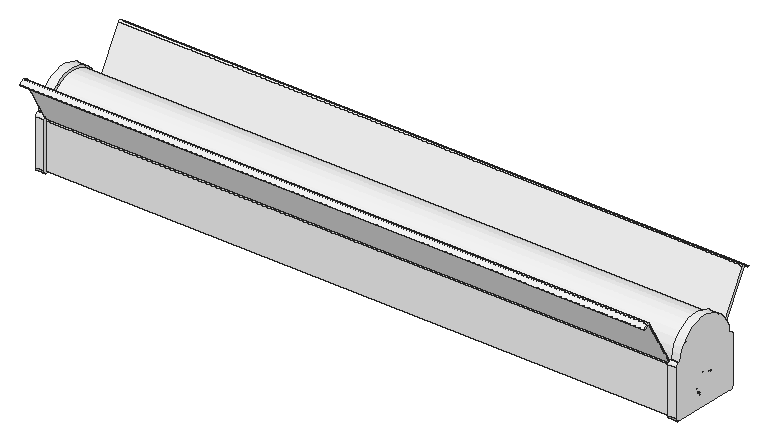
Revit family "0045189+0045231 Feilo Sylvania Lighting Fixture SYLBATTEN LED2 NW DALI TP5 with SYMMETRIC REFLECTOR ACCESSORY 600MM", category Lighting Fixtures, host Face, Revit 2017
Family settings
  Host = Face
  Round Connector Dimension = Use Diameter
  Part Type = Normal
  OmniClass Number = 23.80.70.00
  OmniClass Title = Lighting
  Cut with Voids When Loaded = No
  Light Source = Yes
  Shared = No
  Room Calculation Point = No
Parameters (values of type "0045189 SYLBATTEN LED2 NW DALI TP5")
  Width_FEILO = 66 mm
  Weight = "1.306 kg"
  Wattage Comments = "n/a"
  Wattage = 22 W
  WarrantyStartDate [instance] = "n/a"
  WarrantyGuarantorParts = "n/a"
  WarrantyDurationUnit = "n/a"
  WarrantyDurationParts = "n/a"
  WarrantyDescription = "n/a"
  built-in parameter 1150110 = 1 (stored number, unit not read)
  Voltage = 230 V
  URL = "http://www.sylvania-lighting.com"
  TypeName = "SYLBATTEN LED2 NW DALI TP5"
  Type Image = <None>
  Type Comments = "n/a"
  built-in parameter 1114217 = 1 (stored number, unit not read)
  Tilt Angle = -90.00°
  built-in parameter 1150109 = 1 (stored number, unit not read)
  built-in parameter 1150134 = 12
  SymReflector_FEILO = yes
  built-in parameter 1150113 = 1 (stored number, unit not read)
  SerialNumber [instance] = "n/a"
  PowerFactor = 0
  PowerConsumption = "22 W"
  Photometric Web File = "0045189+0045231.ies"
  NominalLength = 605 mm
  NominalHeight = 76 mm
  NominalDepth = 66 mm
  Name = "SYLBATTEN LED2 NW DALI TP5"
  ModelReference = Name  # "SYLBATTEN LED2 NW DALI TP5"
  ModelNumber = "0045189"
  Model = Name  # "SYLBATTEN LED2 NW DALI TP5"
  Material_4_FEILO = Reflector-Sylvania-Sylbatten-White
  Material_3_FEILO = Diffuser-Sylvania-Sylbatten-Glow
  Material_2_FEILO = Body-Sylvania-Sylbatten-White
  Material_1_FEILO = Body-Sylvania-Sylbatten-White
  Material = "sheet steel housing, polycarbonate diffuser"
  ManufacturerName = "Feilo Sylvania"
  Manufacturer = "Feilo Sylvania"
  LuminousEfficacy = "105.8 lm/W"
  built-in parameter 1150105 = 185.24 (stored number, unit not read)
  Lumens = 2327.82 lm
  LuminaireType = ""
  built-in parameter 1150115 = 1 (stored number, unit not read)
  LightOutputRatio = "100"
  built-in parameter 1150137 = (empty or 0)
  built-in parameter 1150139 = (empty or 0)
  Length_FEILO = 605 mm
  LampsType = Lamp  # "LED"
  LampNominalLuminous = "2328 lm"
  LampMacAdamStep = "n/a"
  LampColourTemperature = "4000 K"
  LampColourRenderingIndex = "80"
  built-in parameter 1150112 = 1 (stored number, unit not read)
  built-in parameter 1150114 = 1 (stored number, unit not read)
  Lamp = "LED"
  Keynote = "16500"
  InstallationDate [instance] = "n/a"
  InputVoltage = "220-240V~"
  InputNominalFrequency = "n/a"
  built-in parameter 1150132 = (empty or 0)
  built-in parameter 1150102 = (empty or 0)
  built-in parameter 1150107 = 4000 (stored number, unit not read)
  built-in parameter 1150138 = (empty or 0)
  IngressProtection = "IP20"
  ImpactProtectionIndex = "IK07"
  built-in parameter 1150106 = 1.8524 (stored number, unit not read)
  IfcExportType = "IfcLightFixtureType"
  IfcExportAs = "IfcLightFixtureType"
  Height_FEILO = 76 mm
  ExpectedLife = 50000
  Emit from Rectangle Width = Length_FEILO - 16 mm  # 589 mm
  Emit from Rectangle Length = Width_FEILO - 40 mm  # 26 mm
  Emit Shape Visible in Rendering = no
  ElectricShockClassification = "Class I"
  built-in parameter 1150104 = 9.8301 (stored number, unit not read)
  DurationUnit = "hours"
  DocumentationLiterature = "http://www.sylvania-lighting.com/product/en-int/products/0045189"
  DimmingControlOptions = "Dimmable"
  Dimming Lamp Color Temperature Shift = <None>
  Description = "LED batten, T8 replacement, ease of installation through 2 part push-in design of the housing (safety cable included), through wiring capability (TP5 = 5 core), sheet steel, 2328LM, 22W, 106lm/W, 4000K, drive current: 350mA, CRI 80, 138° wide beam angle, DALI dimmable, IP20, IK07, 50,000 hrs (L70), (LxWxH) 605x66x76mm, 5 step MacAdam ellipse, 1.8kg, white RAL 9016, Class 1, 220-240V, energy class: A++, A+, A."
  Default Elevation = 1219.2 mm
  CreatedOn = "2/22/2018"
  CreatedBy = ""
  Cost = 0
  Color Filter = 16777215
  built-in parameter 1114216 [instance] = (empty or 0)
  ClassificationValue = "EF_70_80"
  ClassificationName = "Uniclass2015"
  CapOffset_FEILO = 2 mm
  BarCode [instance] = "n/a"
  built-in parameter 1114218 = 1 (stored number, unit not read)
  BackReflector_FEILO = and(not(AsymReflector_FEILO), SymReflector_FEILO)  # yes
  built-in parameter 1150133 = 10 (stored number, unit not read)
  FrontReflector_FEILO = or(AsymReflector_FEILO, SymReflector_FEILO)  # yes
  AsymReflector_FEILO = no
  AssetType = "Fixed"
  AssetIdentifier [instance] = "n/a"
  Assembly Code = "D5020200"
  Apparent Load = 22 VA
Reference planes
  plane 1 "Center (Front/Back)": y = 0
  plane 2: z = 0
  plane 3 "Center (Left/Right)": x = 0
  plane 4: x = 302.5
  plane 5: x = -302.5
  plane 6: y = 33
  plane 7: y = -33
  plane 8: z = 76
  plane 9: z = 47
  plane 10: y = -29
  plane 11: y = 29
  plane 12: z = 20
  plane 13: z = 74
  plane 14: y = -31
  plane 15: y = -27
  plane 16: y = 27
  plane 17: y = 31
  plane 18: z = 2
  plane 19: x = -294.5
  plane 20: x = 294.5
  plane 21: z = 49
  plane 22: y = 1
  plane 23: y = -1
  plane 24: z = 21
  plane 25: z = 19
  plane 26: y = -61
  plane 27: y = 61
  plane 28: y = -56
  plane 29: y = 56
  plane 30: z = 91
  plane 31: z = 88
Forms (mm)
  Extrusion 1, solid, material "Body-Sylvania-Sylbatten-White" <- "Material_2_FEILO"
    sketch origin (0, 0, 0) x (0, 1, 0) y (0, 0, 1)
      loop
        line (-31, 2) -> (31, 2) -> (31, 45)
        arc (31, 45) -> (30.414, 46.414) -> (29, 47) r 2
        line (29, 47) -> (27, 47)
        arc (27, 47) -> (0, 74) -> (-27, 47) r 27
        line (-27, 47) -> (-29, 47)
        arc (-29, 47) -> (-30.414, 46.414) -> (-31, 45) r 2
        line (-31, 45) -> (-31, 2)
    from -294.5 to 294.5
  Extrusion 2, solid, material "Body-Sylvania-Sylbatten-White" <- "Material_2_FEILO"
    sketch origin (302.5, 1524, 1219.2) x (0, 1, 0) y (0, 0, 1)
      loop
        arc (-1494, -1219.2) -> (-1491.879, -1218.321) -> (-1491, -1216.2) r 3
        line (-1491, -1216.2) -> (-1491, -1173.2)
        arc (-1491, -1173.2) -> (-1491.879, -1171.079) -> (-1494, -1170.2) r 3
        line (-1494, -1170.2) -> (-1495.069, -1170.2)
        arc (-1495.069, -1170.2) -> (-1524, -1143.2) -> (-1552.931, -1170.2) r 29
        line (-1552.931, -1170.2) -> (-1554, -1170.2)
        arc (-1554, -1170.2) -> (-1556.121, -1171.079) -> (-1557, -1173.2) r 3
        line (-1557, -1173.2) -> (-1557, -1216.2)
        arc (-1557, -1216.2) -> (-1556.121, -1218.321) -> (-1554, -1219.2) r 3
        line (-1554, -1219.2) -> (-1494, -1219.2)
      loop
        arc (-1525, -1189.25) -> (-1531.071, -1192.129) -> (-1533.95, -1198.2) r 10
        line (-1533.95, -1198.2) -> (-1532.944, -1198.2)
        arc (-1532.944, -1198.2) -> (-1530.364, -1192.836) -> (-1525, -1190.256) r 9
        line (-1525, -1190.256) -> (-1525, -1189.25)
      loop
        arc (-1523, -1190.256) -> (-1517.636, -1192.836) -> (-1515.056, -1198.2) r 9
        line (-1515.056, -1198.2) -> (-1514.05, -1198.2)
        arc (-1514.05, -1198.2) -> (-1516.929, -1192.129) -> (-1523, -1189.25) r 10
        line (-1523, -1189.25) -> (-1523, -1190.256)
      loop
        line (-1532.944, -1200.2) -> (-1533.95, -1200.2)
        arc (-1533.95, -1200.2) -> (-1531.071, -1206.271) -> (-1525, -1209.15) r 10
        line (-1525, -1209.15) -> (-1525, -1208.144)
        arc (-1525, -1208.144) -> (-1530.364, -1205.564) -> (-1532.944, -1200.2) r 9
      loop
        arc (-1515.056, -1200.2) -> (-1517.636, -1205.564) -> (-1523, -1208.144) r 9
        line (-1523, -1208.144) -> (-1523, -1209.15)
        arc (-1523, -1209.15) -> (-1516.929, -1206.271) -> (-1514.05, -1200.2) r 10
        line (-1514.05, -1200.2) -> (-1515.056, -1200.2)
    from 0 to -8
  Extrusion 3, solid, material "Body-Sylvania-Sylbatten-White" <- "Material_2_FEILO"
    sketch origin (-302.5, 1524, 1219.2) x (0, 1, 0) y (0, 0, 1)
      loop
        arc (-1495.069, -1170.2) -> (-1524, -1143.2) -> (-1552.931, -1170.2) r 29
        line (-1552.931, -1170.2) -> (-1554, -1170.2)
        arc (-1554, -1170.2) -> (-1556.121, -1171.079) -> (-1557, -1173.2) r 3
        line (-1557, -1173.2) -> (-1557, -1216.2)
        arc (-1557, -1216.2) -> (-1556.121, -1218.321) -> (-1554, -1219.2) r 3
        line (-1554, -1219.2) -> (-1494, -1219.2)
        arc (-1494, -1219.2) -> (-1491.879, -1218.321) -> (-1491, -1216.2) r 3
        line (-1491, -1216.2) -> (-1491, -1173.2)
        arc (-1491, -1173.2) -> (-1491.879, -1171.079) -> (-1494, -1170.2) r 3
        line (-1494, -1170.2) -> (-1495.069, -1170.2)
      loop
        line (-1533.95, -1198.2) -> (-1532.944, -1198.2)
        arc (-1532.944, -1198.2) -> (-1530.364, -1192.836) -> (-1525, -1190.256) r 9
        line (-1525, -1190.256) -> (-1525, -1189.25)
        arc (-1525, -1189.25) -> (-1531.071, -1192.129) -> (-1533.95, -1198.2) r 10
      loop
        line (-1523, -1189.25) -> (-1523, -1190.256)
        arc (-1523, -1190.256) -> (-1517.636, -1192.836) -> (-1515.056, -1198.2) r 9
        line (-1515.056, -1198.2) -> (-1514.05, -1198.2)
        arc (-1514.05, -1198.2) -> (-1516.929, -1192.129) -> (-1523, -1189.25) r 10
      loop
        line (-1514.05, -1200.2) -> (-1515.056, -1200.2)
        arc (-1515.056, -1200.2) -> (-1517.636, -1205.564) -> (-1523, -1208.144) r 9
        line (-1523, -1208.144) -> (-1523, -1209.15)
        arc (-1523, -1209.15) -> (-1516.929, -1206.271) -> (-1514.05, -1200.2) r 10
      loop
        line (-1525, -1209.15) -> (-1525, -1208.144)
        arc (-1525, -1208.144) -> (-1530.364, -1205.564) -> (-1532.944, -1200.2) r 9
        line (-1532.944, -1200.2) -> (-1533.95, -1200.2)
        arc (-1533.95, -1200.2) -> (-1531.071, -1206.271) -> (-1525, -1209.15) r 10
    from 0 to 8
  Extrusion 4, solid, material "Reflector-Sylvania-Sylbatten-White" <- "Material_4_FEILO", visible <- "FrontReflector_FEILO"
    sketch origin (0, 0, 0) x (0, 1, 0) y (0, 0, 1)
      loop
        line (-61.257, 88.429) -> (-60.743, 87.571) -> (-56.621, 90.044)
        arc (-56.621, 90.044) -> (-56.237, 90.099) -> (-55.929, 89.863) r 0.5
        line (-55.929, 89.863) -> (-31.435, 46.753) -> (-30.565, 47.247) -> (-55.312, 90.802)
        arc (-55.312, 90.802) -> (-55.928, 91.275) -> (-56.696, 91.165) r 1
        line (-56.696, 91.165) -> (-61.257, 88.429)
    from -294.5 to 294.5
  Extrusion 5, solid, material "Reflector-Sylvania-Sylbatten-White" <- "Material_4_FEILO", visible <- "BackReflector_FEILO"
    sketch origin (0, 0, 0) x (0, 1, 0) y (0, 0, 1)
      loop
        line (30.565, 47.247) -> (31.435, 46.753) -> (55.932, 89.868)
        arc (55.932, 89.868) -> (56.245, 90.112) -> (56.638, 90.062) r 0.518
        line (56.638, 90.062) -> (61.033, 87.565) -> (61.527, 88.435) -> (56.682, 91.188)
        arc (56.682, 91.188) -> (55.922, 91.282) -> (55.318, 90.812) r 1
        line (55.318, 90.812) -> (30.565, 47.247)
    from -294.5 to 294.5
Lines and regions (mm)
  reference lines
    curve 1: line (0, -61, 88) -> (0, -56, 91)
    curve 2: line (0, -56, 91) -> (0, -31, 47)
    curve 3: line (0, 31, 47) -> (0, 56, 91)
    curve 4: line (0, 56, 91) -> (0, 61.28, 88)
Dimensions and locks
  equal spacing: plane 5, plane 3 "Center (Left/Right)", plane 4
  equal spacing: plane 7, plane 1 "Center (Front/Back)", plane 6
  "Width_FEILO": plane 7 to plane 6
  "Length_FEILO": plane 5 to plane 4
  "Height_FEILO": plane 8 to plane 2
  locked: plane 9 to plane 8 at 29
  equal spacing: plane 10, plane 1 "Center (Front/Back)", plane 11
  locked: plane 7 to plane 10 at 4
  locked: plane 12 to plane 2 at 20
  "CapOffset_FEILO": plane 13 to plane 8
  "CapOffset_FEILO": plane 7 to plane 14
  "CapOffset_FEILO": plane 10 to plane 15
  "CapOffset_FEILO": plane 17 to plane 6
  "CapOffset_FEILO": plane 16 to plane 11
  "CapOffset_FEILO": plane 18 to plane 2
  locked: plane 14 to Extrusion 1 sketch curve at 2
  locked: Extrusion 1 sketch curve to plane 9 at 2  (x2)
  locked: plane 16 to Extrusion 1 sketch curve at 2
  equal spacing: plane 19, plane 3 "Center (Left/Right)", plane 20
  locked: plane 5 to plane 19 at 8
  "CapOffset_FEILO": plane 9 to plane 21
  locked: Extrusion 2 sketch curve to plane 2 at 47
  locked: Extrusion 1 sketch curve to plane 2 at 47
  locked: Extrusion 2 sketch curve to plane 2 at 3  (x2)
  locked: plane 7 to Extrusion 2 sketch curve at 3  (x2)
  locked: Extrusion 2 sketch curve to plane 6 at 3  (x2)
  locked: Extrusion 2 sketch curve to plane 21 at 3  (x2)
  equal spacing: plane 23, plane 1 "Center (Front/Back)", plane 22
  equal spacing: plane 25, plane 12, plane 24
  plane 30 to plane 31 to plane 2 = 3 mm locked, 88 mm locked
  plane 28 to plane 29 = 112 mm
  plane 26 to plane 27 = 122 mm
  aligned and locked: plane 2 to host face
  aligned and locked: level to host face
  aligned and locked: plane 18 to Extrusion 1 sketch curve
  aligned and locked: plane 14 to Extrusion 1 sketch curve
  aligned and locked: Extrusion 1 sketch curve to plane 9  (x2)
  aligned and locked: Extrusion 1 sketch curve to plane 17
  aligned and locked: plane 15 to Extrusion 1 sketch curve
  aligned and locked: plane 16 to Extrusion 1 sketch curve
  aligned and locked: plane 9 to Extrusion 1 sketch curve
  aligned and locked: plane 20 to Extrusion 1
  aligned and locked: level to Extrusion 2 sketch curve
  aligned and locked: Extrusion 2 sketch curve to plane 7
  aligned and locked: plane 21 to Extrusion 2 sketch curve
  aligned and locked: Extrusion 2 sketch curve to plane 21
  aligned and locked: plane 1 "Center (Front/Back)" to Extrusion 2 sketch curve  (x3)
  aligned and locked: Extrusion 2 to Extrusion 1
  aligned and locked: plane 4 to Extrusion 2
  aligned and locked: plane 12 to Extrusion 2 sketch curve  (x2)
  aligned and locked: Extrusion 2 sketch curve to plane 22
  aligned and locked: Extrusion 2 sketch curve to plane 23
  aligned and locked: Extrusion 2 sketch curve to plane 24
  aligned and locked: Extrusion 2 sketch curve to plane 25
  aligned and locked: plane 25 to Extrusion 2 sketch curve
  aligned and locked: plane 22 to Extrusion 2 sketch curve
  aligned and locked: plane 24 to Extrusion 2 sketch curve
  aligned and locked: plane 23 to Extrusion 2 sketch curve  (x2)
  aligned and locked: Extrusion 3 sketch curve to Extrusion 2  (x22)
  aligned and locked: Extrusion 3 to Extrusion 1
  aligned and locked: Extrusion 3 to plane 5
  aligned and locked: plane 19 to Extrusion 3
  aligned and locked: plane 31 to curve 1
  aligned and locked: plane 30 to curve 1
  aligned and locked: plane 14 to curve 2
  aligned and locked: plane 9 to curve 2
  aligned and locked: plane 17 to curve 3
  aligned and locked: plane 30 to curve 3
  aligned and locked: plane 31 to curve 4
  aligned and locked: Extrusion 4 sketch curve to curve 2
  aligned and locked: Extrusion 4 sketch curve to curve 1
  aligned and locked: Extrusion 4 to Extrusion 1
  aligned and locked: Extrusion 1 to Extrusion 4
  aligned and locked: imposter light to plane 1 "Center (Front/Back)"
  aligned and locked: imposter light to plane 3 "Center (Left/Right)"
  aligned and locked: imposter light to plane 13
  aligned and locked: Extrusion 5 sketch curve to curve 4
  aligned and locked: Extrusion 5 sketch curve to curve 3
  aligned and locked: Extrusion 1 to Extrusion 5
  aligned and locked: Extrusion 5 to Extrusion 1
Automatic sketch dimensions
  host sketch curve to host sketch curve = 2438.4 mm  (x2)
  Extrusion 2 sketch curve to Extrusion 2 sketch curve = 0 mm  (x14)
  Extrusion 2 sketch curve to plane 10 = 0.069 mm
  plane 23 to Extrusion 2 sketch curve = 8.95 mm
  Extrusion 2 sketch curve to Extrusion 2 sketch curve = 1.006 mm  (x4)
  Extrusion 2 sketch curve to plane 22 = 7.944 mm
  curve 1 to plane 26 = 0 mm
  curve 2 to plane 28 = 0 mm
  curve 4 to plane 29 = 0 mm
  plane 9 to curve 3 = 0 mm
  plane 26 to Extrusion 4 sketch curve = 0.257 mm
  Extrusion 4 sketch curve to plane 26 = 0.257 mm
  Extrusion 4 sketch curve to plane 30 = 0.165 mm
  plane 28 to Extrusion 4 sketch curve = 0.696 mm
  plane 28 to Extrusion 4 sketch curve = 0.621 mm
  plane 28 to Extrusion 4 sketch curve = 0.364 mm
  plane 28 to Extrusion 4 sketch curve = 0.182 mm
  Extrusion 4 sketch curve to plane 28 = 0.071 mm
  plane 30 to Extrusion 4 sketch curve = 0.198 mm
  Extrusion 4 sketch curve to plane 28 = 0.688 mm
  plane 9 to Extrusion 4 sketch curve = 0.247 mm
  plane 1 "Center (Front/Back)" to Extrusion 4 sketch curve = 31.435 mm
  Extrusion 5 sketch curve to plane 9 = 0.247 mm
  Extrusion 5 sketch curve to plane 1 "Center (Front/Back)" = 30.565 mm
  plane 9 to Extrusion 5 sketch curve = 0.247 mm
  plane 30 to Extrusion 5 sketch curve = 0.188 mm
  plane 29 to Extrusion 5 sketch curve = 0.068 mm
  Extrusion 5 sketch curve to plane 29 = 0.188 mm
  Extrusion 5 sketch curve to plane 29 = 0.382 mm
  Extrusion 5 sketch curve to Extrusion 5 sketch curve = 0.256 mm
  Extrusion 5 sketch curve to plane 30 = 0.188 mm
  Extrusion 5 sketch curve to plane 29 = 0.682 mm
  Extrusion 5 sketch curve to plane 27 = 0.033 mm
  Extrusion 5 sketch curve to plane 27 = 0.527 mm
Connectors
  electrical at (0, 0, 0), driven by "Apparent Load", driven by "PowerFactor", driven by "Voltage"
    settings: index 1, voltage 230 V, apparent load 22 VA, apparent load phase1 0 VA, apparent load phase2 0 VA, apparent load phase3 0 VA, power factor 0, load classification "Lighting", number of poles 1, system type 30, power factor state 1, is connector primary yes, connector utility no, sub classification motor no, connector description ""
